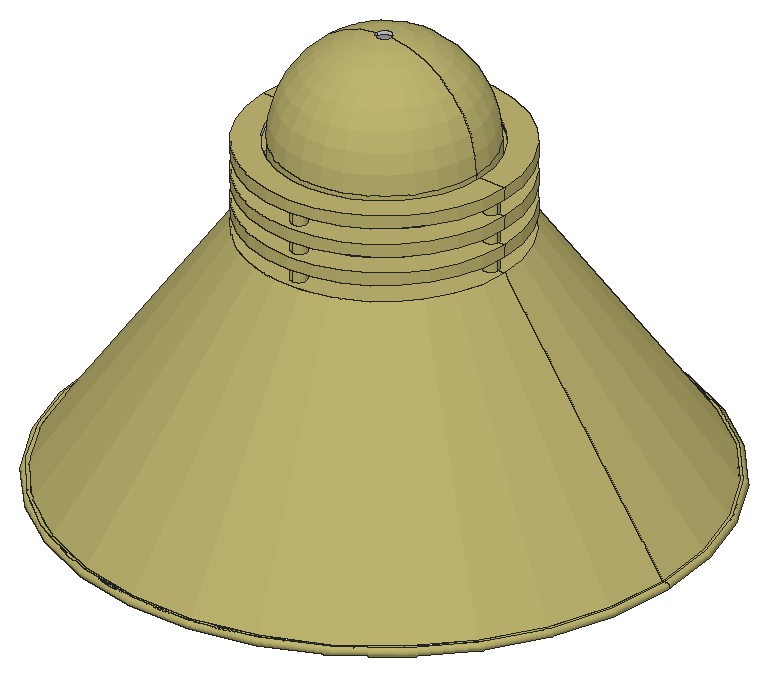
Revit family "SBHR16 SHADE", category Lighting Fixtures, Revit 2024
Family settings
  Round Connector Dimension = Use Diameter
  Part Type = Normal
  OmniClass Number = 23.80.70.00
  OmniClass Title = Lighting
  Work Plane-Based = No
  Always vertical = Yes
  Cut with Voids When Loaded = No
  Light Source = Yes
  Maintain Annotation Orientation = No
  Shared = No
  Room Calculation Point = No
Parameters
  Wattage = 12.1178 W
  built-in parameter 1150110 = 1 (stored number, unit not read)
  built-in parameter 1114217 = 1 (stored number, unit not read)
  built-in parameter 1150109 = 1 (stored number, unit not read)
  built-in parameter 1150134 = (empty or 0)
  built-in parameter 1150113 = 1 (stored number, unit not read)
  Lumens = 1800 lm
  built-in parameter 1150115 = 1 (stored number, unit not read)
  built-in parameter 1150105 = 572.96 (stored number, unit not read)
  Light Source Symbol Size = 2' - 0"
  built-in parameter 1150137 = (empty or 0)
  built-in parameter 1150139 = (empty or 0)
  built-in parameter 1150112 = 1 (stored number, unit not read)
  built-in parameter 1150114 = 1 (stored number, unit not read)
  built-in parameter 1150132 = 2
  built-in parameter 1150102 = (empty or 0)
  built-in parameter 1150138 = (empty or 0)
  built-in parameter 1150107 = 3000 (stored number, unit not read)
  built-in parameter 1150106 = 5.7296 (stored number, unit not read)
  built-in parameter 1150104 = 13.8 (stored number, unit not read)
  Dimming Lamp Color Temperature Shift = (empty or 0)
  Default Elevation = 0' - 0"
  Color Filter = 16777215
  built-in parameter 1114218 = 1 (stored number, unit not read)
  built-in parameter 1150133 = 10 (stored number, unit not read)
Reference planes (in)
  plane 1 "Light Source Axis (F/B)": y = 0
  plane 2: z = 0
  plane 3 "Light Source Axis (L/R)": x = 0
  plane 4 "Light Source Elevation": z = 84
Forms (in)
  Revolve 1, solid
    sketch origin (0, 0, 0) x (1, 0, 0) y (0, 0, 1)
      loop
        line (-9.75, 84.12543) -> (-4.20171, 91.90625) -> (-3.15625, 91.90625) -> (-3.15625, 94.75)
        arc (-3.15625, 94.75) -> (-2.31851, 96.89159) -> (-0.25, 97.89633) r 3.15625
        line (-0.25, 97.89633) -> (-0.25, 97.99037)
        arc (-0.25, 97.99037) -> (-2.38485, 96.95794) -> (-3.25, 94.75) r 3.25
        line (-3.25, 94.75) -> (-3.25, 92) -> (-4.25, 92) -> (-9.77632, 84.25) -> (-9.875, 84.25)
        arc (-9.875, 84.25) -> (-9.96324, 84.03646) -> (-9.75, 84.12543) r 0.125
      loop
        line (-2.10503, 93.98182) -> (-2.10503, 88.66167)
        arc (-2.10503, 88.66167) -> (-1.48848, 87.17319) -> (0, 86.55664) r 2.10503
        line (0, 86.55664) -> (0, 86.65039)
        arc (0, 86.65039) -> (-1.42219, 87.23948) -> (-2.01128, 88.66167) r 2.01128
        line (-2.01128, 88.66167) -> (-2.01128, 93.98182) -> (-2.10503, 93.98182)
      axis (0, 97.99037) -> (0, 84.12543)
    angle from 0 to 360
  Revolve 2, solid
    sketch origin (0, 0, 0) x (1, 0, 0) y (0, 0, 1)
      loop
        line (-3.4014, 94.68946) -> (-4.25, 94.68946) -> (-4.25, 94.29297) -> (-4.15625, 94.29297) -> (-4.15625, 94.59571) -> (-3.4014, 94.59571) -> (-3.4014, 94.68946)
      loop
        line (-3.4014, 93.79297) -> (-4.25, 93.79297) -> (-4.25, 93.39649) -> (-4.15625, 93.39649) -> (-4.15625, 93.69922) -> (-3.4014, 93.69922) -> (-3.4014, 93.79297)
      loop
        line (-3.4014, 92.89649) -> (-4.25, 92.89649) -> (-4.25, 92.5) -> (-4.15625, 92.5) -> (-4.15625, 92.80274) -> (-3.4014, 92.80274) -> (-3.4014, 92.89649)
      axis (0, 94.68946) -> (0, 92.5)
    angle from 0 to 360
  Sweep 3, solid
    path origin (0, 0, 0) x (1, 0, 0) y (0, 0, 1)
      loop
        line (-3.75, 92) -> (-3.75, 94.54225)
    profile origin (-3.75, 0, 93.27112) x (-1, 0, 0) y (0, -1, 0)
      loop
        circle (0, 0) r 0.25
  Sweep 4, solid
    path origin (0, 0, 0) x (0, -1, 0) y (0, 0, 1)
      loop
        line (-3.75, 92) -> (-3.75, 94.54225)
    profile origin (0, 3.75, 93.27112) x (0, 1, 0) y (-1, 0, 0)
      loop
        circle (0, 0) r 0.25
  Sweep 5, solid
    path origin (0, 0, 0) x (0, 1, 0) y (0, 0, 1)
      loop
        line (-3.75, 92) -> (-3.75, 94.54225)
    profile origin (0, -3.75, 93.27112) x (0, -1, 0) y (1, 0, 0)
      loop
        circle (0, 0) r 0.25
  Sweep 6, solid
    path origin (0, 0, 0) x (-1, 0, 0) y (0, 0, 1)
      loop
        line (-3.75, 92) -> (-3.75, 94.54225)
    profile origin (3.75, 0, 93.27112) x (1, 0, 0) y (0, 1, 0)
      loop
        circle (0, 0) r 0.25
Dimensions and locks (in)
  aligned and locked: plane 3 "Light Source Axis (L/R)" to imposter light
  aligned and locked: plane 1 "Light Source Axis (F/B)" to imposter light
  aligned and locked: plane 4 "Light Source Elevation" to imposter light
  aligned and locked: level to plane 2
